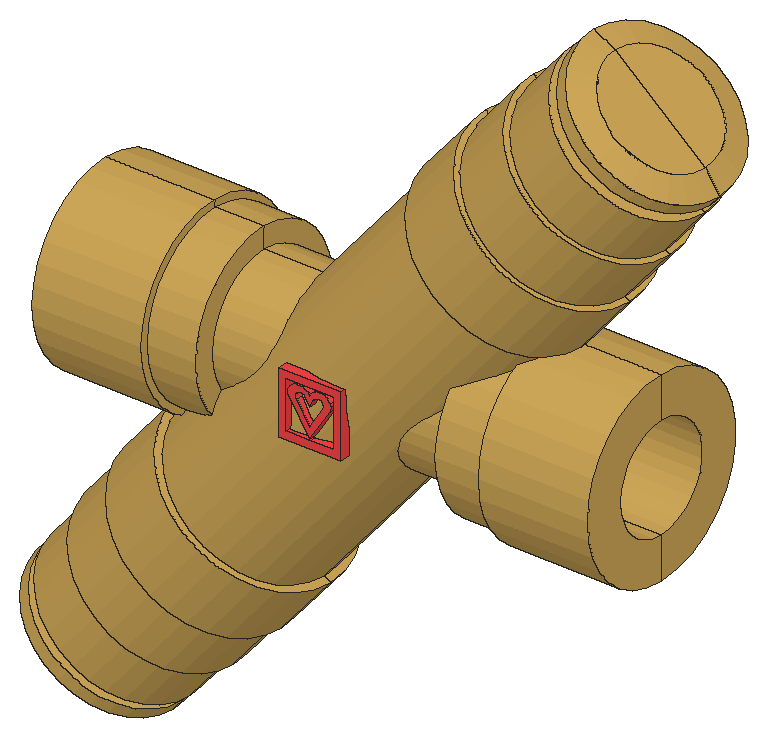
Revit family "Ограничитель температуры воды 4011", category Rohrzubehör, Revit 2021
Family settings
  Bemaßung runder Anschluss = Durchmesser verwenden
  Teiletyp = Unterbricht
  OmniClass-Nummer = 23.65.55.14
  OmniClass-Titel = Valves for Liquid Services
  Arbeitsebenenbasiert = Nein
  Immer vertikal = Ja
  Beim Laden mit Abzugskörper schneiden = Nein
  Gemeinsam genutzt = Nein
Parameters (values of type "Заводская настройка 52 и 70 °C")
  Уплотнение = "EPDM"  # constant formula
  Среда = "Питьевая вода"  # constant formula
  Примечание = "В соответствии со статьей 33 Регламента REACH (Registration; Evaluation; Authorisation; Restriction of Chemicals) (EC № 1907/2006) мы обязаны указать, что свинец внесен в список SVHC (Substances of Very High Concern - вещества очень высокой важности) и весовой процент свинца во всех латунных компонентах заводского изготовления в наших изделиях, превышает 0,1 % (w/w) (CAS: 7439-92-1 / EINECS: 231-100-4).\r\nПоскольку свинец является легирующим компонентом сплава, прямое негативное влияние исключается, и поэтому дополнительной информации о безопасном использовании не требуется."
  Номер заказа [instance] = if(and([52_70], Nennweite = 15.000 mm), 2401101, if(and([52_70], Nennweite = 20.000 mm), 2401102, if(and([55_70], Nennweite = 15.000 mm), 2401111, if(and([55_70], Nennweite = 20.000 mm), 2401112, if(and([58_70], Nennweite = 15.000 mm), 2401117, if(and([58_70], Nennweite = 20.000 mm), 2401118, 0))))))  # 2401101
  Макс. рабочее давление = 1000000.0 Pa  # constant formula
  Макс. рабочая температура = 80 °C  # constant formula
  Корпус = "CC770S"  # constant formula
  Исполнение = "HERZ-ограничитель температуры циркуляционного контура, наклонного исполнения, без покрытия, корпус изготовлен из латуни, устойчивой к селективной цинковой коррозии, седло, конус пружины, пружина изготовлены из нержавеющей хромоникелевой стали.\r\nУплотнительные кольца O-Ring изготовлены из EPDM, гигиенически безопасных материалов.\r\nВнутренняя резьба в соответствии с ISO 7/1 (Rp).\r\nИсполнение с двумя термоэлементами."
  Заводская настройка температуры [instance] = if([52_70], "52 - 70°C", if([55_70], "55 - 70°C", if([58_70], "58 - 70°C", "0")))  # "52 - 70°C"
  W03 = 25.00°  # constant formula
  W02 = 15.00°  # constant formula
  W01 = 50.00°  # constant formula
  Vorgabe-Ansicht = 0.000 mm
  URL = "www.herz-armaturen.ru"
  Седло, конус пружины, пружина = "нержавеющая сталь"  # constant formula
  SC_NennweiteBerechnet = 0
  SC_Dimension = ""
  SCTWSEQ = "AW;SBT_TYP_AW=\"104\";2"
  SCTWCODE = "04;26;02"  # constant formula
  S06 = 40.000 mm  # constant formula
  S05 = 15.000 mm  # constant formula
  S04 = 20.000 mm  # constant formula
  S03 = 60.000 mm  # constant formula
  S02 [instance] = S01 + 5.000 mm  # 11.750 mm
  S01 [instance] = D01 / 2  # 6.750 mm
  R01 = 5.000 mm  # constant formula
  Nennweite [instance] = 15.000 mm
  L09 = 4.500 mm  # constant formula
  L08 = 1.500 mm  # constant formula
  L07 [instance] = L03 + L05 + L06  # 58.400 mm
  L06 [instance] = size_lookup("4011_0X_", "L6", 1.000 mm, Nennweite)  # 8.900 mm
  L05 [instance] = size_lookup("4011_0X_", "L5", 1.000 mm, Nennweite)  # 10.000 mm
  L04 [instance] = size_lookup("4011_0X_", "L4", 1.000 mm, Nennweite)  # 11.000 mm
  L03 [instance] = size_lookup("4011_0X_", "L3", 1.000 mm, Nennweite)  # 39.500 mm
  L02 [instance] = size_lookup("4011_0X_", "L2", 1.000 mm, Nennweite)  # 23.000 mm
  L01 [instance] = size_lookup("4011_0X_", "L1", 1.000 mm, Nennweite)  # 15.900 mm
  L00 [instance] = size_lookup("4011_0X_", "L", 1.000 mm, Nennweite)  # 81.000 mm
  IG [instance] = Nennweite / 2  # 7.500 mm
  Hersteller = "HERZ Armaturen Ges.m.b.H."  # constant formula
  GT [instance] = size_lookup("4011_0X_", "GT", 1.000 mm, Nennweite)  # 12.000 mm
  Принцип действия = "HERZ-ограничитель температуры воды циркуляционного контура представляет собой термостатический дроссельный клапан для ограничения температуры горячей воды в контуре с циркуляционным насосом, в виде пропорционального энергонезависимого регулятора прямого действия.\r\nТемпература теплоносителя циркуляционного контура подлежит регулированию и обеспечивает распределение горячей воды на несколько стояков (если таковые имеются).\r\nС целью поддержания постоянной температуры расход циркуляционной воды ограничивается до необходимого количества и, таким образом, потери в циркуляционном контуре сводятся к минимуму.\r\nДанная арматура предназначена также для кратковременного промывания для предотвращения появления легионелл.\r\nКоличество циркуляционной воды после промывания системы опять пополняется необходимым объемом.\r\nКонус буксы может открывать или закрывать седло клапана в корпусе ограничителя.\r\nПри повышении температуры конус буксы перемещается термоэлементом медленно и плавно, без толчков, в направлении «закрыто», а при понижении температуры открывается с помощью пружины навстречу термостатическому элементу.\r\nРасширяющаяся среда в середине термостатического элемента превращает изменение температуры в изменение направления.\r\nПри термической дезинфекции второй термоэлемент расширяется и посредством штифта воздействует на прикрытый клапан – горячая вода поступает в трубопровод для дезинфекции.\r\nИсходя из модели данного ограничителя, величину утечки следует учитывать из расчёта приблизительно 0,65 л/мин при перепаде давления приблизительно 10 кПа."
  Конус буксы, букса, заглушка = "CW725N"  # constant formula
  D10 = 12.000 mm  # constant formula
  D09 = 9.200 mm  # constant formula
  D08 = 8.500 mm  # constant formula
  D07 [instance] = size_lookup("4011_0X_", "D7", 1.000 mm, Nennweite)  # 13.000 mm
  D06 [instance] = size_lookup("4011_0X_", "D6", 1.000 mm, Nennweite)  # 12.200 mm
  D05 [instance] = size_lookup("4011_0X_", "D5", 1.000 mm, Nennweite)  # 12.750 mm
  D04 [instance] = size_lookup("4011_0X_", "D4", 1.000 mm, Nennweite)  # 13.750 mm
  D03 [instance] = size_lookup("4011_0X_", "D3", 1.000 mm, Nennweite)  # 9.500 mm
  D02 [instance] = size_lookup("4011_0X_", "D2", 1.000 mm, Nennweite)  # 12.500 mm
  D01 [instance] = size_lookup("4011_0X_", "D1", 1.000 mm, Nennweite)  # 13.500 mm
  58_70 = no
  55_70 = no
  52_70 = yes
Types (4, lengths in mm): name | Номер заказа | Заводская настройка температуры | S02 | S01 | Nennweite | L07 | L06 | L05 | L04 | L03 | L02 | L01 | L00 | IG | GT | D07 | D06 | D05 | D04 | D03 | D02 | D01 | 58_70 | 55_70 | 52_70
  (no name) | 2401101 | "52 - 70°C" | 11.750 | 6.750 | 15.000 | 58.400 | 8.900 | 10.000 | 11.000 | 39.500 | 23.000 | 15.900 | 81.000 | 7.500 | 12.000 | 13.000 | 12.200 | 12.750 | 13.750 | 9.500 | 12.500 | 13.500 | no | no | yes
  Заводская настройка 52 и 70 °C | 2401101 | "52 - 70°C" | 11.750 | 6.750 | 15.000 | 58.400 | 8.900 | 10.000 | 11.000 | 39.500 | 23.000 | 15.900 | 81.000 | 7.500 | 12.000 | 13.000 | 12.200 | 12.750 | 13.750 | 9.500 | 12.500 | 13.500 | no | no | yes
  Заводская настройка 55 и 70 °C | 2401112 | "55 - 70°C" | 13.000 | 8.000 | 20.000 | 60.700 | 4.500 | 6.200 | 10.000 | 50.000 | 20.500 | 17.000 | 102.000 | 10.000 | 16.300 | 15.000 | 13.500 | 15.500 | 16.500 | 13.000 | 15.000 | 16.000 | no | yes | no
  Заводская настройка 58 и 70 °C | 2401118 | "58 - 70°C" | 13.000 | 8.000 | 20.000 | 60.700 | 4.500 | 6.200 | 10.000 | 50.000 | 20.500 | 17.000 | 102.000 | 10.000 | 16.300 | 15.000 | 13.500 | 15.500 | 16.500 | 13.000 | 15.000 | 16.000 | yes | no | no
Reference planes
  plane 1 "Mitte (Vorne/hinten)": y = 0
  plane 2: z = 0
  plane 3 "Mitte (Links/rechts)": x = 0
Forms (mm)
  Revolve 1, solid, material "Messing, weicher Gelbton, geschweißt", detail levels fine
    sketch origin (0, 0, 0) x (1, 0, 0) y (0, 0, 1)
      loop
        line (-28.5, 0) -> (28.5, 0) -> (28.5, 7.5) -> (40.5, 7.5) -> (40.5, 13.5) -> (24.6, 13.5) -> (24.6, 12.5) -> (17.5, 12.5) -> (17.5, 9.5) -> (-17.5, 9.5) -> (-17.5, 12.5) -> (-24.6, 12.5) -> (-24.6, 13.5) -> (-40.5, 13.5) -> (-40.5, 7.5) -> (-28.5, 7.5) -> (-28.5, 0)
      axis (-40.5, 0) -> (40.5, 0)
    angle from 0 to 360
  Revolve 2, solid, material "Messing, weicher Gelbton, geschweißt", detail levels fine
    sketch origin (0, 0, 0) x (1, 0, 0) y (0, 0, 1)
      loop
        line (0, 0) -> (25.39, 30.259) -> (14.857, 39.097) -> (7.786, 30.671) -> (8.552, 30.028) -> (-28.087, -13.637) -> (-28.853, -12.994) -> (-35.923, -21.42) -> (-25.39, -30.259) -> (0, 0)
      axis (25.39, 30.259) -> (-25.39, -30.259)
    angle from 0 to 360
  Revolve 3, solid, material "Messing, weicher Gelbton, geschweißt", detail levels fine
    sketch origin (0, 0, 0) x (1, 0, 0) y (0, 0, 1)
      loop
        line (0, 0) -> (37.539, 44.737) -> (28.193, 52.579) -> (22.472, 45.761) -> (21.859, 46.275) -> (15.432, 38.615) -> (21.56, 33.473) -> (-29.22, -27.045) -> (-35.349, -21.903) -> (-41.777, -29.563) -> (-41.164, -30.077) -> (-46.885, -36.895) -> (-37.539, -44.737) -> (0, 0)
      axis (-37.539, -44.737) -> (37.539, 44.737)
    angle from 0 to 360
  Revolve 4, solid, material "Messing, weicher Gelbton, geschweißt", detail levels fine
    sketch origin (0, 0, 0) x (1, 0, 0) y (0, 0, 1)
      loop
        line (0, 0) -> (40.431, 48.184) -> (33.92, 53.648) -> (30.636, 55.179) -> (29.31, 53.6) -> (31.455, 51.8) -> (30.491, 50.651) -> (33.709, 47.951) -> (-41.369, -41.523) -> (-44.586, -38.823) -> (-45.551, -39.972) -> (-47.696, -38.173) -> (-49.021, -39.752) -> (-46.943, -42.721) -> (-40.431, -48.184) -> (0, 0)
      axis (-40.431, -48.184) -> (40.431, 48.184)
    angle from 0 to 360
Lines and regions (mm)
  model lines, detail levels coarse+medium
    curve 1: line (-40.5, 0, 13.5) -> (-40.5, 0, -13.5)
    curve 2: line (-40.5, 0, -13.5) -> (40.5, 0, 13.5)
    curve 3: line (40.5, 0, 13.5) -> (40.5, 0, -13.5)
    curve 4: line (40.5, 0, -13.5) -> (-40.5, 0, 13.5)
    curve 5: circle (0, 0, 0) r 6.75 normal (0, -1, 0)
    curve 6: line (0, 0, 40) -> (0, 0, 60)
    curve 7: line (-15, 0, 60) -> (15, 0, 60)
    curve 8: line (15, 0, 60) -> (15, 0, 80)
    curve 9: line (15, 0, 80) -> (-15, 0, 80)
    curve 10: line (-15, 0, 80) -> (-15, 0, 60)
    curve 11: line (0, 0, 11.75) -> (13.173, 0, 40)
    curve 12: line (0, 0, 11.75) -> (-13.173, 0, 40)
    curve 13: line (-13.173, 0, 40) -> (13.173, 0, 40)
    curve 14: line (-40.5, 13.5, 0) -> (-40.5, -13.5, 0)
    curve 15: line (-40.5, -13.5, 0) -> (40.5, 13.5, 0)
    curve 16: line (40.5, 13.5, 0) -> (40.5, -13.5, 0)
    curve 17: line (40.5, -13.5, 0) -> (-40.5, 13.5, 0)
    curve 18: circle (0, 0, 0) r 6.75 normal (0, 0, 1)
    curve 19: line (0, 40, 0) -> (0, 60, 0)
    curve 20: line (-15, 60, 0) -> (15, 60, 0)
    curve 21: line (15, 60, 0) -> (15, 80, 0)
    curve 22: line (15, 80, 0) -> (-15, 80, 0)
    curve 23: line (-15, 80, 0) -> (-15, 60, 0)
    curve 24: line (0, 11.75, 0) -> (13.173, 40, 0)
    curve 25: line (0, 11.75, 0) -> (-13.173, 40, 0)
    curve 26: line (-13.173, 40, 0) -> (13.173, 40, 0)
Dimensions and locks
  "L00": Revolve 1 sketch curve to Revolve 1 sketch curve
  equal spacing: Revolve 1 sketch curve, plane 3 "Mitte (Links/rechts)", Revolve 1 sketch curve
  "L01": Revolve 1 sketch curve to Revolve 1 sketch curve  (x2)
  "L02": Revolve 1 sketch curve to Revolve 1 sketch curve  (x2)
  "GT": Revolve 1 sketch curve to Revolve 1 sketch curve  (x2)
  "IG": Revolve 1 sketch curve to plane 2  (x2)
  "D01": Revolve 1 sketch curve to plane 2  (x2)
  "D02": Revolve 1 sketch curve to plane 2  (x2)
  "D03": Revolve 1 sketch curve to Revolve 1 sketch curve
  equal spacing: Revolve 1, Revolve 2 sketch curve, Revolve 1  (x2)
  "L03": Revolve 2 sketch curve to Revolve 2 sketch curve  (x2)
  "L04": Revolve 2 sketch curve to Revolve 2 sketch curve  (x2)
  "D05": nested 1 to plane 1 "Mitte (Vorne/hinten)"
  "D04": Revolve 2 sketch curve to Revolve 2 sketch curve  (x2)
  "D05": Revolve 2 sketch curve to Revolve 2 sketch curve
  "L03": Revolve 3 sketch curve to Revolve 3 sketch curve  (x2)
  "L05": Revolve 3 sketch curve to Revolve 3 sketch curve  (x2)
  "L06": Revolve 3 sketch curve to Revolve 3 sketch curve  (x2)
  "D06": Revolve 3 sketch curve to Revolve 3 sketch curve  (x2)
  "D07": Revolve 3 sketch curve to Revolve 3 sketch curve  (x2)
  "R01": Revolve 3 sketch curve to Revolve 3 sketch curve
  equal spacing: Revolve 1, Revolve 3 sketch curve, Revolve 1
  equal spacing: Revolve 1, Revolve 4 sketch curve, Revolve 1
  "L07": Revolve 4 sketch curve to Revolve 4 sketch curve to Revolve 4 sketch curve
  "L08": Revolve 4 sketch curve to Revolve 4 sketch curve  (x2)
  "L09": Revolve 4 sketch curve to Revolve 4 sketch curve  (x2)
  "D08": Revolve 4 sketch curve to Revolve 4 sketch curve  (x2)
  "D09": Revolve 4 sketch curve to Revolve 4 sketch curve  (x2)
  "D10": Revolve 4 sketch curve to Revolve 4 sketch curve  (x2)
  "R01": Revolve 4 sketch curve to Revolve 4 sketch curve
  equal spacing: curve 1, plane 3 "Mitte (Links/rechts)", curve 3
  "L00": curve 1 to curve 3
  "D01": curve 4 to plane 2 to curve 2
  "D01": curve 3 to plane 2 to curve 4
  equal spacing: Revolve 1, curve 5, Revolve 1
  "S03": curve 6 to plane 2
  "S05": curve 10 to plane 3 "Mitte (Links/rechts)" to curve 8
  "S04": curve 9 to curve 7
  "S06": curve 13 to plane 2
  "S02": curve 12 to plane 2
  equal spacing: curve 14, plane 3 "Mitte (Links/rechts)", curve 16
  "L00": curve 14 to curve 16
  "D01": curve 15 to plane 1 "Mitte (Vorne/hinten)" to curve 17
  "D01": curve 17 to plane 1 "Mitte (Vorne/hinten)" to curve 16
  equal spacing: curve 14, curve 18, curve 16
  "S06": plane 1 "Mitte (Vorne/hinten)" to curve 19
  "S03": plane 1 "Mitte (Vorne/hinten)" to curve 19
  "S05": curve 23 to plane 3 "Mitte (Links/rechts)" to curve 21
  "S04": curve 22 to curve 20
  "S02": plane 1 "Mitte (Vorne/hinten)" to curve 25
  "S01": radius of curve 5
  "S01": radius of curve 18
  "W01": angle plane 2 to Revolve 3 sketch curve
  "W01": angle plane 2 to Revolve 4 sketch curve
  "W02": angle Revolve 4 sketch curve to Revolve 4 sketch curve  (x2)
  "W01": angle plane 2 to Revolve 2 sketch curve
  "W03": angle curve 11 to curve 6 to curve 12
  "W03": angle curve 24 to plane 3 "Mitte (Links/rechts)" to curve 25
  aligned and locked: level to plane 2
Automatic sketch dimensions
  curve 12 to plane 3 "Mitte (Links/rechts)" = 0.000 mm
  curve 6 to plane 3 "Mitte (Links/rechts)" = 0.000 mm
  curve 5 to level = 0.000 mm
  curve 25 to plane 3 "Mitte (Links/rechts)" = 0.000 mm
  curve 19 to plane 3 "Mitte (Links/rechts)" = 0.000 mm
  plane 1 "Mitte (Vorne/hinten)" to curve 18 = 0.000 mm
  Revolve 1 sketch curve to level = 0.000 mm  (x2)
  Revolve 1 sketch curve to Revolve 1 sketch curve = 1466.030 mm
  Revolve 1 sketch curve to Revolve 1 sketch curve = 1798.648 mm
  Revolve 2 sketch curve to level = 0.000 mm  (x2)
  Revolve 3 sketch curve to level = 0.000 mm
  Revolve 3 sketch curve to Revolve 3 sketch curve = 0.000 mm  (x4)
  Revolve 4 sketch curve to level = 0.000 mm
  Revolve 4 sketch curve to Revolve 4 sketch curve = 0.000 mm  (x4)
Nested families
  nested 1: "Herz-Logo-vorne" at (0, -12.75, 0) x (0, 1, 0) z (0, 0, 1), type "Herz-Logo-vorne", detail levels fine
Connectors
  piping at (-28.5, 0, 0), diameter 15, driven by "Nennweite"
    settings: on Revolve 1, index 1, connector inside diameter 609.6 mm, connector length 0.000 mm, flow factor 0, pipe flow 0.0 L/s, pressure drop 0.0 Pa, fitting loss kfactor 0, connector angle 0.00°, fixture units 0, engagement length 0.000 mm, angle of deflection 0.00°, flow configuration 0, flow direction 1, fitting loss method 0, system type 29, joint type 0, gender type 0, connector reference index -1, connector utility 0, adjustable connector no, is connector primary yes, connector description ""
  piping at (28.5, 0, 0), diameter 15, driven by "Nennweite"
    settings: on Revolve 1, index 2, connector inside diameter 609.6 mm, connector length 0.000 mm, flow factor 0, pipe flow 0.0 L/s, pressure drop 0.0 Pa, fitting loss kfactor 0, connector angle 0.00°, fixture units 0, engagement length 0.000 mm, angle of deflection 0.00°, flow configuration 0, flow direction 2, fitting loss method 0, system type 29, joint type 0, gender type 0, connector reference index -1, connector utility 0, adjustable connector no, is connector primary no, connector description ""
Definition of nested family "Herz-Logo-vorne"
  Parameters (values of type "Herz-Logo-vorne")
    Default Elevation = 0.000 mm
  Reference planes
    plane 1 "Mitte (Vorne/hinten)": y = 0
    plane 2: z = 0
    plane 3 "Mitte (Links/rechts)": x = 0
  Forms (mm)
    Extrusion 1, solid
      sketch origin (0.732, -0.018, 0.017) x (0, -1, 0) y (0, 0, 1)
        loop
          line (-0.018, -4.517) -> (4.482, -4.517) -> (4.482, 4.483) -> (-4.518, 4.483) -> (-4.518, -4.517) -> (-0.018, -4.517)
        loop
          line (-0.05, -3.48) -> (3.482, -3.48) -> (3.482, 3.483) -> (-3.518, 3.483) -> (-3.518, -3.48) -> (-0.05, -3.48)
        loop
          arc (-0.018, 2.383) -> (-1.543, 3.287) -> (-3.067, 2.383) r 1.738
          arc (-3.067, 2.383) -> (-3.191, 1.899) -> (-3.067, 1.415) r 1.009
          line (-3.067, 1.415) -> (-0.018, -3.281) -> (3.032, 1.415)
          arc (3.032, 1.415) -> (3.156, 1.899) -> (3.032, 2.383) r 1.009
          arc (3.032, 2.383) -> (1.507, 3.287) -> (-0.018, 2.383) r 1.738
        loop
          arc (1.885, 1.272) -> (2.005, 1.675) -> (1.885, 2.079) r 0.74
          arc (1.885, 2.079) -> (1.265, 2.416) -> (0.644, 2.079) r 0.74
          line (0.644, 2.079) -> (-0.018, 0.97) -> (-0.679, 2.079)
          arc (-0.679, 2.079) -> (-1.3, 2.416) -> (-1.921, 2.079) r 0.74
          arc (-1.921, 2.079) -> (-2.04, 1.675) -> (-1.921, 1.272) r 0.74
          line (-1.921, 1.272) -> (-0.018, -1.658) -> (1.885, 1.272)
      from 0 to 1.5
  Dimensions and locks
    aligned and locked: level to plane 2
